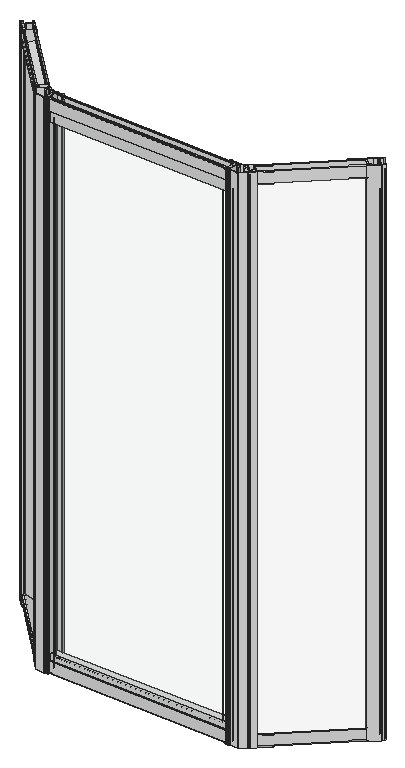
Revit family "Shower-Shower_Door-STERLING-Intrigue-SP2270A", category Specialty Equipment, host Face, Revit 2015
Parameters (values of type "S-Silver Frame Finish with Pebbled Glass Texture")
  Width = 15 13/16"  # constant formula
  WaterSense Certified = 1 = 0  # no
  URL = "https://www.sterlingplumbing.com/\r\nhttps://www.sterlingplumbing.com/"
  Product Page URL = "http://www.sterlingplumbing.com/detail?productNumber=SP2270A-38"
  Product Name = "Intrigue"  # constant formula
  Product Documentation Link = "https://resources.kohler.com/plumbing/sterling/pdf/SP2270A-38_spec.pdf"
  Model = "SP2270A-38S"  # constant formula
  Material = "Anodized Aluminum"  # constant formula
  MasterFormat 2004 = "10.28.13"  # constant formula
  MasterFormat 1995 = "10820"  # constant formula
  Manufacturer Address = "444 Highland Dr, Kohler, WI 53044"  # constant formula
  Manufacturer = "KOHLER Co."  # constant formula
  Length = 27 9/16"  # constant formula
  Height = 72"  # constant formula
  Finish = Sterling-Metal-S-Silver
  Environmental Product Declaration = ""
  Description = "Framed Neo-Angle Corner Shower Door 15-13/16 inch x 27-9/16 inch x 15-13/16 inch x 72 inch Hr"  # constant formula
  Default Elevation = 0"
  Declare Label = ""
  Date Modified = "06/20/2019"  # constant formula
  Date Created = "06/20/2019"  # constant formula
  Copyright = "Copyright KOHLER Co."  # constant formula
  Contact Us = "https://www.sterlingplumbing.com/contact"
  Assembly Code = "C1030200"
  ADA Compliant = 1 = 0  # no
Reference planes (in)
  plane 1 "Center (Front/Back)": y = 0
  plane 2: z = 0
  plane 3 "Center (Left/Right)": x = 0
  plane 4: through (-25.54413, 11.545, 48) normal (-0.7071, 0.7071, 0)
  plane 5: through (-13.99914, -0.00019, 48) normal (-0.7071, -0.7071, 0)
  plane 6: through (-14.72707, -0.00019, 48) normal (-0.7071, 0.7071, 0)
  plane 7: x = -13.78125
  plane 8: through (-11.87782, -0.00019, 48) normal (-0.7071, -0.7071, 0)
  plane 9: y = 0.9062
  plane 10: y = 1.81245
  plane 11: through (2.11347, 12.61341, 48) normal (0.7071, 0.7071, 0)
  plane 12: x = 13.78125
  plane 13: through (24.47572, 12.61341, 48) normal (0.7071, 0.7071, 0)
  plane 14: through (24.49142, 12.61341, 48) normal (0.7071, -0.7071, 0)
  plane 15: through (25.54413, 11.5448, 48) normal (0.7071, -0.7071, 0)
  plane 16: z = 70.4375
  plane 17: z = 36
  plane 18: z = 1.5625
  plane 19: z = 72
Dimensions and locks (in)
  locked: plane 5 to plane 8 at 1.5
  locked: plane 5 to plane 13 at 36.125
  locked: plane 4 to plane 15 at 36.125
  locked: plane 10 to nested 1 at 1.81245
  locked: plane 15 to plane 14 at 1.5
  "Width": plane 4 to plane 6
  locked: plane 16 to plane 18 at 68.875
  plane 18 to level = 1 9/16"
  plane 1 "Center (Front/Back)" to plane 10 = 1.81245"
  "Height": plane 19 to level
  "Length": plane 7 to plane 12
  aligned and locked: plane 2 to host face
  aligned and locked: level to host face
Automatic sketch dimensions
  host sketch curve to host sketch curve = 96"  (x2)
Nested families (in)
  nested 1: "SP2270A" at (0, 0, 0), type "SP2270A"
Definition of nested family "SP2270A"
  Parameters (values of type "SP2270A")
    Material = none
    A = 23 7/16"
  Reference planes (in)
    plane 1 "Center (Front/Back)": y = 0
    plane 2: z = 0
    plane 3 "Center (Left/Right)": x = 0
    plane 4: z = 72
    plane 5: x = -13.78125
    plane 6: x = 13.78125
    plane 7: z = 70.4375
    plane 8: z = 1.5625
    plane 9 "A": through (24.50441, 12.58472, 48) normal (0.7071, 0.7071, 0)
    plane 10: y = 0.9062
    plane 11: y = 1.81245
    plane 12: through (-29.5283, 15.52897, 48) normal (0.7071, 0.7071, 0)
    plane 13: through (29.5283, 15.52897, 48) normal (0.7071, -0.7071, 0)
    plane 14 "B": through (-24.50441, 12.58472, 48) normal (0.7071, -0.7071, 0)
    plane 15: through (-9.38636, 5.34052, 48) normal (0.7071, -0.7071, 0)
    plane 16: through (9.38636, 5.34052, 48) normal (0.7071, 0.7071, 0)
    plane 17: through (-27.87084, 15.99283, 48) normal (0.7071, 0.7071, 0)
    plane 18: through (27.87084, 15.99283, 48) normal (0.7071, -0.7071, 0)
    plane 19: z = 36
  Forms (in)
    Extrusion 1, solid, material <- "Material", detail levels medium+fine
      sketch origin (0, 0.93359, 0) x (0, 1, 0) y (0, 0, 1)
        loop
          arc (0.63975, 70.79435) -> (0.63071, 70.7585) -> (0.60575, 70.73122) r 0.07559
          line (0.60575, 70.73122) -> (0.33132, 70.55042)
          arc (0.33132, 70.55042) -> (0.26289, 70.51846) -> (0.18816, 70.5075) r 0.26021
          line (0.18816, 70.5075) -> (-0.72964, 70.5075) -> (-0.72964, 71.92827)
          arc (-0.72964, 71.92827) -> (-0.72328, 71.94364) -> (-0.70791, 71.95) r 0.02173
          line (-0.70791, 71.95) -> (-0.63817, 71.95)
          arc (-0.63817, 71.95) -> (-0.61317, 71.975) -> (-0.63817, 72) r 0.025
          line (-0.63817, 72) -> (-0.70804, 72)
          arc (-0.70804, 72) -> (-0.77086, 71.97398) -> (-0.79688, 71.91116) r 0.08884
          line (-0.79688, 71.91116) -> (-0.79688, 70.4375) -> (0.22136, 70.4375)
          arc (0.22136, 70.4375) -> (0.28439, 70.44675) -> (0.34211, 70.4737) r 0.21948
          line (0.34211, 70.4737) -> (0.66661, 70.68749)
          arc (0.66661, 70.68749) -> (0.69625, 70.71988) -> (0.70698, 70.76244) r 0.08975
          line (0.70698, 70.76244) -> (0.70698, 71.91116)
          arc (0.70698, 71.91116) -> (0.68096, 71.97398) -> (0.61815, 72) r 0.08884
          line (0.61815, 72) -> (0.54828, 72)
          arc (0.54828, 72) -> (0.52328, 71.975) -> (0.54828, 71.95) r 0.025
          line (0.54828, 71.95) -> (0.61755, 71.95)
          arc (0.61755, 71.95) -> (0.63325, 71.9435) -> (0.63975, 71.92779) r 0.02221
          line (0.63975, 71.92779) -> (0.63975, 70.79435)
        loop
          line (0.63975, 1.20628) -> (0.63975, 0.07674)
          arc (0.63975, 0.07674) -> (0.63325, 0.06104) -> (0.61755, 0.05453) r 0.02221
          line (0.61755, 0.05453) -> (0.54828, 0.05453)
          arc (0.54828, 0.05453) -> (0.52328, 0.02953) -> (0.54828, 0.00453) r 0.025
          line (0.54828, 0.00453) -> (0.61815, 0.00453)
          arc (0.61815, 0.00453) -> (0.68096, 0.03055) -> (0.70698, 0.09337) r 0.08884
          line (0.70698, 0.09337) -> (0.70698, 1.23819)
          arc (0.70698, 1.23819) -> (0.69625, 1.28075) -> (0.66661, 1.31313) r 0.08975
          line (0.66661, 1.31313) -> (0.34211, 1.52692)
          arc (0.34211, 1.52692) -> (0.28439, 1.55388) -> (0.22136, 1.56313) r 0.21948
          line (0.22136, 1.56313) -> (-0.79688, 1.56313) -> (-0.79688, 0.09337)
          arc (-0.79688, 0.09337) -> (-0.77086, 0.03055) -> (-0.70804, 0.00453) r 0.08884
          line (-0.70804, 0.00453) -> (-0.63817, 0.00453)
          arc (-0.63817, 0.00453) -> (-0.61317, 0.02953) -> (-0.63817, 0.05453) r 0.025
          line (-0.63817, 0.05453) -> (-0.70791, 0.05453)
          arc (-0.70791, 0.05453) -> (-0.72328, 0.0609) -> (-0.72964, 0.07626) r 0.02173
          line (-0.72964, 0.07626) -> (-0.72964, 1.49313) -> (0.18816, 1.49313)
          arc (0.18816, 1.49313) -> (0.26289, 1.48216) -> (0.33132, 1.45021) r 0.26021
          line (0.33132, 1.45021) -> (0.60575, 1.2694)
          arc (0.60575, 1.2694) -> (0.63071, 1.24213) -> (0.63975, 1.20628) r 0.07559
      from -12.453 to 12.453
    Extrusion 2, solid, detail levels medium+fine
      sketch origin (0, 0, 0) x (1, 0, 0) y (0, 1, 0)
        loop
          line (-11.66269, 0.57318) -> (-11.66269, 0.44818) -> (11.6635, 0.44818) -> (11.6635, 0.57318) -> (-11.66269, 0.57318)
      from 2.16728 to 68.89322
    Extrusion 3, solid, material <- "Material", detail levels medium+fine
      sketch origin (0, 0, 0) x (-1, 0, 0) y (0, -1, 0)
        loop
          arc (-12.453, -0.15981) -> (-12.44648, -0.14406) -> (-12.43073, -0.13753) r 0.02227
          line (-12.43073, -0.13753) -> (-12.39984, -0.13753)
          arc (-12.39984, -0.13753) -> (-12.38534, -0.13153) -> (-12.37933, -0.11702) r 0.02051
          line (-12.37933, -0.11702) -> (-12.37933, -0.04833)
          arc (-12.37933, -0.04833) -> (-12.39348, -0.01416) -> (-12.42766, 0) r 0.04833
          line (-12.42766, 0) -> (-12.85931, 0)
          arc (-12.85931, 0) -> (-12.87804, -0.01873) -> (-12.85931, -0.03745) r 0.01873
          line (-12.85931, -0.03745) -> (-12.82288, -0.03745)
          arc (-12.82288, -0.03745) -> (-12.80882, -0.04327) -> (-12.803, -0.05733) r 0.01988
          line (-12.803, -0.05733) -> (-12.803, -0.12153)
          spline (-12.803, -0.12153) -> (-12.80198, -0.12578) -> (-12.79898, -0.12973) -> (-12.79421, -0.13312) -> (-12.788, -0.13573) -> (-12.78076, -0.13736) -> (-12.773, -0.13792) -> (-12.76524, -0.13736) -> (-12.758, -0.13573) -> (-12.75179, -0.13312) -> (-12.74702, -0.12973) -> (-12.74402, -0.12578) -> (-12.743, -0.12153)
          line (-12.743, -0.12153) -> (-12.743, -0.06049)
          arc (-12.743, -0.06049) -> (-12.73625, -0.0442) -> (-12.71996, -0.03745) r 0.02304
          line (-12.71996, -0.03745) -> (-12.54334, -0.03745)
          arc (-12.54334, -0.03745) -> (-12.52896, -0.04341) -> (-12.523, -0.05779) r 0.02034
          line (-12.523, -0.05779) -> (-12.523, -0.92666)
          arc (-12.523, -0.92666) -> (-12.52909, -0.94136) -> (-12.54379, -0.94745) r 0.02079
          line (-12.54379, -0.94745) -> (-12.663, -0.94745)
          arc (-12.663, -0.94745) -> (-12.688, -0.97245) -> (-12.663, -0.99745) r 0.025
          line (-12.663, -0.99745) -> (-12.54318, -0.99745)
          arc (-12.54318, -0.99745) -> (-12.52891, -1.00336) -> (-12.523, -1.01763) r 0.02018
          line (-12.523, -1.01763) -> (-12.523, -1.54745)
          arc (-12.523, -1.54745) -> (-12.54782, -1.58434) -> (-12.59107, -1.57404) r 0.03902
          arc (-12.59107, -1.57404) -> (-12.61802, -1.5544) -> (-12.65064, -1.54745) r 0.08001
          line (-12.65064, -1.54745) -> (-12.72541, -1.54745)
          spline (-12.72541, -1.54745) -> (-12.7271, -1.54847) -> (-12.72868, -1.55147) -> (-12.73003, -1.55624) -> (-12.73106, -1.56245) -> (-12.73172, -1.56969) -> (-12.73194, -1.57745) -> (-12.73172, -1.58522) -> (-12.73106, -1.59245) -> (-12.73003, -1.59867) -> (-12.72868, -1.60343) -> (-12.7271, -1.60643) -> (-12.72541, -1.60745)
          line (-12.72541, -1.60745) -> (-12.69292, -1.60745)
          arc (-12.69292, -1.60745) -> (-12.67775, -1.61167) -> (-12.66692, -1.62311) r 0.02942
          arc (-12.66692, -1.62311) -> (-12.62423, -1.67353) -> (-12.56434, -1.70144) r 0.15414
          line (-12.56434, -1.70144) -> (-12.44812, -1.72745) -> (-11.93737, -1.72745) -> (-11.93737, -1.76268)
          arc (-11.93737, -1.76268) -> (-11.9228, -1.79788) -> (-11.8876, -1.81245) r 0.04977
          line (-11.8876, -1.81245) -> (-11.74228, -1.81245)
          arc (-11.74228, -1.81245) -> (-11.66378, -1.74556) -> (-11.71737, -1.65745) r 0.0795
          line (-11.71737, -1.65745) -> (-11.75788, -1.65745)
          arc (-11.75788, -1.65745) -> (-11.77762, -1.67315) -> (-11.76679, -1.69592) r 0.02026
          line (-11.76679, -1.69592) -> (-11.71737, -1.69592) -> (-11.71737, -1.75245) -> (-11.88678, -1.75245) -> (-11.88678, -1.69765) -> (-11.85142, -1.69765)
          arc (-11.85142, -1.69765) -> (-11.83489, -1.67589) -> (-11.85507, -1.65745) r 0.02026
          line (-11.85507, -1.65745) -> (-12.43223, -1.65745)
          arc (-12.43223, -1.65745) -> (-12.44692, -1.65137) -> (-12.453, -1.63668) r 0.02077
          line (-12.453, -1.63668) -> (-12.453, -0.15981)
      from 0 to 72
    Extrusion 4, solid, material <- "Material", detail levels medium+fine
      sketch origin (0, 0, 0) x (1, 0, 0) y (0, 1, 0)
        loop
          arc (12.71443, 1.70753) -> (12.70013, 1.70161) -> (12.69421, 1.68732) r 0.02022
          line (12.69421, 1.68732) -> (12.69421, 1.65323)
          arc (12.69421, 1.65323) -> (12.70027, 1.6386) -> (12.71491, 1.63253) r 0.0207
          line (12.71491, 1.63253) -> (12.763, 1.63253) -> (12.763, 1.52353)
          arc (12.763, 1.52353) -> (12.75586, 1.50966) -> (12.74043, 1.50741) r 0.01704
          arc (12.74043, 1.50741) -> (12.72203, 1.50188) -> (12.72137, 1.48268) r 0.01648
          line (12.72137, 1.48268) -> (12.80918, 1.35053) -> (13.16835, 1.35053)
          arc (13.16835, 1.35053) -> (13.18331, 1.34434) -> (13.1895, 1.32938) r 0.02115
          line (13.1895, 1.32938) -> (13.1895, 1.20655)
          arc (13.1895, 1.20655) -> (13.18299, 1.19084) -> (13.16729, 1.18433) r 0.02221
          line (13.16729, 1.18433) -> (12.823, 1.18433) -> (12.823, 0.21753) -> (12.783, 0.21753)
          arc (12.783, 0.21753) -> (12.71582, 0.18971) -> (12.688, 0.12253) r 0.095
          line (12.688, 0.12253) -> (12.688, 0.06481)
          arc (12.688, 0.06481) -> (12.7155, 0.03731) -> (12.743, 0.06481) r 0.0275
          line (12.743, 0.06481) -> (12.743, 0.12153)
          arc (12.743, 0.12153) -> (12.75466, 0.15017) -> (12.783, 0.16253) r 0.04101
          line (12.783, 0.16253) -> (12.823, 0.16253) -> (12.823, 0.06325)
          arc (12.823, 0.06325) -> (12.82907, 0.0486) -> (12.84371, 0.04253) r 0.02071
          line (12.84371, 0.04253) -> (12.91213, 0.04253)
          arc (12.91213, 0.04253) -> (12.92677, 0.03653) -> (12.933, 0.02198) r 0.02088
          arc (12.933, 0.02198) -> (12.9395, 0.0063) -> (12.95517, -0.00019) r 0.02217
          line (12.95517, -0.00019) -> (14.06317, -0.00019)
          arc (14.06317, -0.00019) -> (14.10107, 0.01074) -> (14.12733, 0.04018) r 0.07116
          line (14.12733, 0.04018) -> (14.90312, 0.79207)
          arc (14.90312, 0.79207) -> (14.9084, 0.80793) -> (14.89877, 0.8216) r 0.01855
          line (14.89877, 0.8216) -> (14.87389, 0.84648) -> (14.93764, 0.91022)
          arc (14.93764, 0.91022) -> (14.94345, 0.92426) -> (14.93764, 0.93829) r 0.01985
          line (14.93764, 0.93829) -> (14.86682, 1.00911) -> (14.8951, 1.0374)
          arc (14.8951, 1.0374) -> (14.92339, 1.04911) -> (14.95167, 1.0374) r 0.04
          line (14.95167, 1.0374) -> (15.00046, 0.98861)
          spline (15.00046, 0.98861) -> (15.00405, 0.98634) -> (15.00872, 0.98555) -> (15.01416, 0.9863) -> (15.01998, 0.98853) -> (15.0258, 0.99209) -> (15.03122, 0.99674) -> (15.03587, 1.00216) -> (15.03943, 1.00798) -> (15.04166, 1.0138) -> (15.0424, 1.01923) -> (15.04162, 1.02391) -> (15.03935, 1.0275)
          line (15.03935, 1.0275) -> (14.99056, 1.07629)
          arc (14.99056, 1.07629) -> (14.92339, 1.10411) -> (14.85621, 1.07629) r 0.095
          line (14.85621, 1.07629) -> (14.82793, 1.048) -> (14.1443, 1.73163) -> (13.88514, 1.47248) -> (13.76567, 1.59195) -> (14.03589, 1.86218) -> (14.02006, 1.94072) -> (13.8698, 2.09098) -> (13.90091, 2.1221)
          spline (13.90091, 2.1221) -> (13.90294, 2.12593) -> (13.90302, 2.13131) -> (13.90114, 2.13786) -> (13.89745, 2.14515) -> (13.89219, 2.15268) -> (13.88571, 2.15993) -> (13.87846, 2.1664) -> (13.87093, 2.17167) -> (13.86364, 2.17536) -> (13.85709, 2.17723) -> (13.85171, 2.17715) -> (13.84788, 2.17513)
          line (13.84788, 2.17513) -> (13.66884, 1.99609)
          arc (13.66884, 1.99609) -> (13.34922, 1.78253) -> (12.9722, 1.70753) r 0.9852
          line (12.9722, 1.70753) -> (12.71443, 1.70753)
        loop
          arc (13.17203, 1.40553) -> (13.22328, 1.38431) -> (13.2445, 1.33307) r 0.07247
          line (13.2445, 1.33307) -> (13.2445, 1.1984)
          arc (13.2445, 1.1984) -> (13.22427, 1.14956) -> (13.17543, 1.12933) r 0.06907
          line (13.17543, 1.12933) -> (12.878, 1.12933) -> (12.878, 0.09753) -> (12.928, 0.09753)
          arc (12.928, 0.09753) -> (12.96204, 0.08698) -> (12.98413, 0.05902) r 0.06015
          arc (12.98413, 0.05902) -> (12.99431, 0.04613) -> (13.00999, 0.04127) r 0.02772
          line (13.00999, 0.04127) -> (14.02344, 0.04127)
          arc (14.02344, 0.04127) -> (14.0619, 0.04892) -> (14.09451, 0.07071) r 0.10051
          line (14.09451, 0.07071) -> (14.83086, 0.80705)
          arc (14.83086, 0.80705) -> (14.8182, 0.84734) -> (14.8355, 0.88587) r 0.05943
          line (14.8355, 0.88587) -> (14.85992, 0.91029)
          arc (14.85992, 0.91029) -> (14.86571, 0.92426) -> (14.85992, 0.93823) r 0.01976
          line (14.85992, 0.93823) -> (14.1443, 1.65385) -> (13.93766, 1.44721)
          arc (13.93766, 1.44721) -> (13.88514, 1.42546) -> (13.83263, 1.44721) r 0.07427
          line (13.83263, 1.44721) -> (13.7409, 1.53894)
          arc (13.7409, 1.53894) -> (13.71975, 1.59) -> (13.7409, 1.64106) r 0.07221
          line (13.7409, 1.64106) -> (13.97638, 1.87654) -> (13.96537, 1.91763) -> (13.81677, 2.06624) -> (13.70773, 1.9572)
          arc (13.70773, 1.9572) -> (13.37027, 1.73171) -> (12.9722, 1.65253) r 1.0402
          line (12.9722, 1.65253) -> (12.818, 1.65253) -> (12.818, 1.52353)
          arc (12.818, 1.52353) -> (12.812, 1.49497) -> (12.79501, 1.47123) r 0.071
          line (12.79501, 1.47123) -> (12.83867, 1.40553) -> (13.17203, 1.40553)
      from 0 to 72
    Extrusion 5, solid, material <- "Material", detail levels medium+fine
      sketch origin (0, 0, 0) x (1, 0, 0) y (0, 1, 0)
        loop
          line (14.37467, 2.4403) -> (15.10794, 1.70703) -> (14.88586, 1.48495)
          arc (14.88586, 1.48495) -> (14.86714, 1.43974) -> (14.88586, 1.39453) r 0.06393
          line (14.88586, 1.39453) -> (15.1386, 1.1418)
          arc (15.1386, 1.1418) -> (15.1464, 1.12296) -> (15.1386, 1.10411) r 0.02664
          line (15.1386, 1.10411) -> (15.01553, 0.98105)
          arc (15.01553, 0.98105) -> (14.99763, 0.97363) -> (14.97973, 0.98105) r 0.02531
          line (14.97973, 0.98105) -> (14.93824, 1.02255)
          spline (14.93824, 1.02255) -> (14.93442, 1.02492) -> (14.92942, 1.02568) -> (14.92357, 1.02478) -> (14.91728, 1.02229) -> (14.91097, 1.01837) -> (14.90507, 1.01328) -> (14.89999, 1.00739) -> (14.89607, 1.00108) -> (14.89357, 0.99478) -> (14.89268, 0.98894) -> (14.89344, 0.98394) -> (14.89581, 0.98012)
          line (14.89581, 0.98012) -> (14.95521, 0.92072) -> (14.90476, 0.87028) -> (14.94463, 0.83041)
          arc (14.94463, 0.83041) -> (15.24054, 1.1436) -> (15.55501, 1.43815) r 7.05601
          line (15.55501, 1.43815) -> (15.45567, 1.53749) -> (15.23539, 1.31721) -> (15.2794, 1.2732) -> (15.17724, 1.17104) -> (14.90854, 1.43974) -> (15.19138, 1.72258) -> (14.41042, 2.50354)
          arc (14.41042, 2.50354) -> (14.40451, 2.51781) -> (14.41042, 2.53208) r 0.02018
          line (14.41042, 2.53208) -> (14.43716, 2.55882) -> (14.40649, 2.58949)
          arc (14.40649, 2.58949) -> (14.39138, 2.59454) -> (14.37681, 2.5881) r 0.02207
          arc (14.37681, 2.5881) -> (14.36827, 2.57538) -> (14.36517, 2.56037) r 0.03974
          arc (14.36517, 2.56037) -> (14.35955, 2.54116) -> (14.34471, 2.52772) r 0.03686
          line (14.34471, 2.52772) -> (13.93391, 2.11691) -> (13.90869, 2.09169)
          spline (13.90869, 2.09169) -> (13.90616, 2.08776) -> (13.90519, 2.0827) -> (13.90586, 2.07685) -> (13.90813, 2.07062) -> (13.91182, 2.06443) -> (13.91671, 2.0587) -> (13.92244, 2.05381) -> (13.92863, 2.05012) -> (13.93486, 2.04785) -> (13.94071, 2.04718) -> (13.94577, 2.04815) -> (13.9497, 2.05068)
          line (13.9497, 2.05068) -> (14.33932, 2.4403)
          arc (14.33932, 2.4403) -> (14.357, 2.44762) -> (14.37467, 2.4403) r 0.025
      from 0 to 72
    Extrusion 6, solid, material <- "Material", detail levels medium+fine
      sketch origin (25.57602, 25.57602, 0) x (0, -1, 0) y (1, 0, 0)
        loop
          arc (14.37467, -2.4403) -> (14.357, -2.44762) -> (14.33932, -2.4403) r 0.025
          line (14.33932, -2.4403) -> (13.31401, -1.41499)
          arc (13.31401, -1.41499) -> (13.27909, -1.42955) -> (13.28405, -1.46705) r 0.03111
          line (13.28405, -1.46705) -> (14.34471, -2.52772)
          arc (14.34471, -2.52772) -> (14.35955, -2.54116) -> (14.36517, -2.56037) r 0.03686
          arc (14.36517, -2.56037) -> (14.36827, -2.57538) -> (14.37681, -2.5881) r 0.03974
          arc (14.37681, -2.5881) -> (14.39138, -2.59454) -> (14.40649, -2.58949) r 0.02207
          line (14.40649, -2.58949) -> (14.43716, -2.55882) -> (14.41042, -2.53208)
          arc (14.41042, -2.53208) -> (14.40451, -2.51781) -> (14.41042, -2.50354) r 0.02018
          line (14.41042, -2.50354) -> (15.19138, -1.72258) -> (14.90854, -1.43974) -> (15.17724, -1.17104) -> (15.2794, -1.2732) -> (15.23539, -1.31721) -> (15.46961, -1.55142) -> (15.53957, -1.47372)
          arc (15.53957, -1.47372) -> (15.54629, -1.45555) -> (15.5387, -1.43773) r 0.0262
          arc (15.5387, -1.43773) -> (14.97963, -0.87652) -> (14.41841, -0.31748) r 205.4396
          arc (14.41841, -0.31748) -> (14.37109, -0.31762) -> (14.37114, -0.36494) r 0.03349
          line (14.37114, -0.36494) -> (15.13835, -1.13215) -> (14.8919, -1.37859)
          arc (14.8919, -1.37859) -> (14.86658, -1.43974) -> (14.8919, -1.50089) r 0.08647
          line (14.8919, -1.50089) -> (15.10299, -1.71198) -> (14.37467, -2.4403)
      from 0 to 72
    Extrusion 7, solid, material <- "Material", detail levels medium+fine
      sketch origin (0, 0, 0) x (1, 0, 0) y (0, 1, 0)
        loop
          line (23.7198, 11.74299) -> (23.99535, 12.01855)
          arc (23.99535, 12.01855) -> (24.00971, 12.02449) -> (24.02407, 12.01855) r 0.02031
          line (24.02407, 12.01855) -> (24.06274, 11.97987)
          arc (24.06274, 11.97987) -> (24.07689, 11.97987) -> (24.07689, 11.99402) r 0.01
          line (24.07689, 11.99402) -> (24.03803, 12.03287)
          arc (24.03803, 12.03287) -> (24.03216, 12.04705) -> (24.03803, 12.06123) r 0.02005
          line (24.03803, 12.06123) -> (24.11158, 12.13478)
          arc (24.11158, 12.13478) -> (24.12638, 12.14091) -> (24.14119, 12.13478) r 0.02093
          line (24.14119, 12.13478) -> (24.81868, 11.45728)
          arc (24.81868, 11.45728) -> (24.82481, 11.44247) -> (24.81868, 11.42766) r 0.02094
          line (24.81868, 11.42766) -> (24.74644, 11.35543)
          arc (24.74644, 11.35543) -> (24.73099, 11.34902) -> (24.71554, 11.35543) r 0.02186
          line (24.71554, 11.35543) -> (24.6788, 11.39216)
          arc (24.6788, 11.39216) -> (24.66394, 11.39408) -> (24.6633, 11.37911) r 0.01017
          line (24.6633, 11.37911) -> (24.71354, 11.32887)
          arc (24.71354, 11.32887) -> (24.72874, 11.32137) -> (24.74538, 11.32468) r 0.02638
          line (24.74538, 11.32468) -> (24.85913, 11.39035)
          arc (24.85913, 11.39035) -> (24.87506, 11.39352) -> (24.88962, 11.38634) r 0.02526
          line (24.88962, 11.38634) -> (25.08481, 11.19115)
          arc (25.08481, 11.19115) -> (25.09201, 11.17377) -> (25.08481, 11.15639) r 0.02458
          line (25.08481, 11.15639) -> (24.6956, 10.76718)
          arc (24.6956, 10.76718) -> (24.6956, 10.73183) -> (24.73096, 10.73183) r 0.025
          line (24.73096, 10.73183) -> (25.54413, 11.545) -> (25.51764, 11.5715)
          arc (25.51764, 11.5715) -> (25.50156, 11.57832) -> (25.48524, 11.57206) r 0.02332
          line (25.48524, 11.57206) -> (25.45634, 11.54511) -> (25.34119, 11.66026)
          arc (25.34119, 11.66026) -> (25.30409, 11.67241) -> (25.29998, 11.63359) r 0.0251
          line (25.29998, 11.63359) -> (25.41233, 11.52124)
          arc (25.41233, 11.52124) -> (25.42006, 11.50258) -> (25.41233, 11.48391) r 0.0264
          line (25.41233, 11.48391) -> (25.15458, 11.22616)
          arc (25.15458, 11.22616) -> (25.13755, 11.21911) -> (25.12051, 11.22616) r 0.02409
          line (25.12051, 11.22616) -> (24.1769, 12.16977)
          arc (24.1769, 12.16977) -> (24.17062, 12.18493) -> (24.1769, 12.20009) r 0.02144
          line (24.1769, 12.20009) -> (24.51248, 12.53567)
          arc (24.51248, 12.53567) -> (24.52097, 12.55616) -> (24.51248, 12.57666) r 0.02898
          line (24.51248, 12.57666) -> (24.48064, 12.60849)
          spline (24.48064, 12.60849) -> (24.4772, 12.61097) -> (24.47303, 12.61232) -> (24.46841, 12.61244) -> (24.46366, 12.61133) -> (24.45911, 12.60906) -> (24.45505, 12.60579) -> (24.45178, 12.60174) -> (24.44952, 12.59719) -> (24.44841, 12.59244) -> (24.44853, 12.58782) -> (24.44988, 12.58365) -> (24.45236, 12.58021)
          arc (24.45236, 12.58021) -> (24.46124, 12.56555) -> (24.4555, 12.5494) r 0.01997
          line (24.4555, 12.5494) -> (23.68444, 11.77835)
          arc (23.68444, 11.77835) -> (23.68444, 11.74299) -> (23.7198, 11.74299) r 0.025
        loop
          arc (-23.7198, 11.74299) -> (-23.68444, 11.74299) -> (-23.68444, 11.77835) r 0.025
          line (-23.68444, 11.77835) -> (-24.4555, 12.5494)
          arc (-24.4555, 12.5494) -> (-24.46124, 12.56555) -> (-24.45236, 12.58021) r 0.01997
          spline (-24.45236, 12.58021) -> (-24.44988, 12.58365) -> (-24.44853, 12.58782) -> (-24.44841, 12.59244) -> (-24.44952, 12.59719) -> (-24.45178, 12.60174) -> (-24.45505, 12.60579) -> (-24.45911, 12.60906) -> (-24.46366, 12.61133) -> (-24.46841, 12.61244) -> (-24.47303, 12.61232) -> (-24.4772, 12.61097) -> (-24.48064, 12.60849)
          line (-24.48064, 12.60849) -> (-24.51248, 12.57666)
          arc (-24.51248, 12.57666) -> (-24.52097, 12.55616) -> (-24.51248, 12.53567) r 0.02898
          line (-24.51248, 12.53567) -> (-24.1769, 12.20009)
          arc (-24.1769, 12.20009) -> (-24.17062, 12.18493) -> (-24.1769, 12.16977) r 0.02144
          line (-24.1769, 12.16977) -> (-25.12051, 11.22616)
          arc (-25.12051, 11.22616) -> (-25.13755, 11.21911) -> (-25.15458, 11.22616) r 0.02409
          line (-25.15458, 11.22616) -> (-25.41233, 11.48391)
          arc (-25.41233, 11.48391) -> (-25.42006, 11.50258) -> (-25.41233, 11.52124) r 0.0264
          line (-25.41233, 11.52124) -> (-25.29998, 11.63359)
          arc (-25.29998, 11.63359) -> (-25.30409, 11.67241) -> (-25.34119, 11.66026) r 0.0251
          line (-25.34119, 11.66026) -> (-25.4566, 11.54486) -> (-25.4855, 11.57181)
          arc (-25.4855, 11.57181) -> (-25.50181, 11.57807) -> (-25.51789, 11.57124) r 0.02332
          line (-25.51789, 11.57124) -> (-25.54413, 11.545) -> (-24.73096, 10.73183)
          arc (-24.73096, 10.73183) -> (-24.6956, 10.73183) -> (-24.6956, 10.76718) r 0.025
          line (-24.6956, 10.76718) -> (-25.08481, 11.15639)
          arc (-25.08481, 11.15639) -> (-25.09201, 11.17377) -> (-25.08481, 11.19115) r 0.02458
          line (-25.08481, 11.19115) -> (-24.88962, 11.38634)
          arc (-24.88962, 11.38634) -> (-24.87506, 11.39352) -> (-24.85913, 11.39035) r 0.02526
          line (-24.85913, 11.39035) -> (-24.74538, 11.32468)
          arc (-24.74538, 11.32468) -> (-24.72874, 11.32137) -> (-24.71354, 11.32887) r 0.02638
          line (-24.71354, 11.32887) -> (-24.6633, 11.37911)
          arc (-24.6633, 11.37911) -> (-24.66394, 11.39408) -> (-24.6788, 11.39216) r 0.01017
          line (-24.6788, 11.39216) -> (-24.71554, 11.35543)
          arc (-24.71554, 11.35543) -> (-24.73099, 11.34902) -> (-24.74644, 11.35543) r 0.02186
          line (-24.74644, 11.35543) -> (-24.81868, 11.42766)
          arc (-24.81868, 11.42766) -> (-24.82481, 11.44247) -> (-24.81868, 11.45728) r 0.02094
          line (-24.81868, 11.45728) -> (-24.14119, 12.13478)
          arc (-24.14119, 12.13478) -> (-24.12638, 12.14091) -> (-24.11158, 12.13478) r 0.02093
          line (-24.11158, 12.13478) -> (-24.03803, 12.06123)
          arc (-24.03803, 12.06123) -> (-24.03216, 12.04705) -> (-24.03803, 12.03287) r 0.02005
          line (-24.03803, 12.03287) -> (-24.07689, 11.99402)
          arc (-24.07689, 11.99402) -> (-24.07689, 11.97987) -> (-24.06274, 11.97987) r 0.01
          line (-24.06274, 11.97987) -> (-24.02407, 12.01855)
          arc (-24.02407, 12.01855) -> (-24.00971, 12.02449) -> (-23.99535, 12.01855) r 0.02031
          line (-23.99535, 12.01855) -> (-23.7198, 11.74299)
      from 0 to 72
    Extrusion 8, solid, detail levels medium+fine
      sketch origin (0, 0, 0) x (1, 0, 0) y (0, 1, 0)
        loop
          line (23.80021, 10.43787) -> (15.13674, 1.77439) -> (15.22513, 1.68601) -> (23.8886, 10.34948) -> (23.80021, 10.43787)
      from 0.83922 to 70.4375
    Extrusion 9, solid, material <- "Material", detail levels medium+fine
      sketch origin (0, 0, 0) x (1, 0, 0) y (0, 1, 0)
        loop
          line (-12.453, 0.15981) -> (-12.453, 1.63668)
          arc (-12.453, 1.63668) -> (-12.44692, 1.65137) -> (-12.43223, 1.65745) r 0.02077
          line (-12.43223, 1.65745) -> (-11.85507, 1.65745)
          arc (-11.85507, 1.65745) -> (-11.83489, 1.67589) -> (-11.85142, 1.69765) r 0.02026
          line (-11.85142, 1.69765) -> (-11.88678, 1.69765) -> (-11.88678, 1.75245) -> (-11.71737, 1.75245) -> (-11.71737, 1.69592) -> (-11.76679, 1.69592)
          arc (-11.76679, 1.69592) -> (-11.77762, 1.67315) -> (-11.75788, 1.65745) r 0.02026
          line (-11.75788, 1.65745) -> (-11.71737, 1.65745)
          arc (-11.71737, 1.65745) -> (-11.66378, 1.74556) -> (-11.74228, 1.81245) r 0.0795
          line (-11.74228, 1.81245) -> (-11.8876, 1.81245)
          arc (-11.8876, 1.81245) -> (-11.9228, 1.79788) -> (-11.93737, 1.76268) r 0.04977
          line (-11.93737, 1.76268) -> (-11.93737, 1.72745) -> (-12.44812, 1.72745) -> (-12.56434, 1.70144)
          arc (-12.56434, 1.70144) -> (-12.62423, 1.67353) -> (-12.66692, 1.62311) r 0.15414
          arc (-12.66692, 1.62311) -> (-12.67775, 1.61167) -> (-12.69292, 1.60745) r 0.02942
          line (-12.69292, 1.60745) -> (-12.72541, 1.60745)
          spline (-12.72541, 1.60745) -> (-12.7271, 1.60643) -> (-12.72868, 1.60343) -> (-12.73003, 1.59867) -> (-12.73106, 1.59245) -> (-12.73172, 1.58522) -> (-12.73194, 1.57745) -> (-12.73172, 1.56969) -> (-12.73106, 1.56245) -> (-12.73003, 1.55624) -> (-12.72868, 1.55147) -> (-12.7271, 1.54847) -> (-12.72541, 1.54745)
          line (-12.72541, 1.54745) -> (-12.65064, 1.54745)
          arc (-12.65064, 1.54745) -> (-12.61802, 1.5544) -> (-12.59107, 1.57404) r 0.08001
          arc (-12.59107, 1.57404) -> (-12.54782, 1.58434) -> (-12.523, 1.54745) r 0.03902
          line (-12.523, 1.54745) -> (-12.523, 1.01763)
          arc (-12.523, 1.01763) -> (-12.52891, 1.00336) -> (-12.54318, 0.99745) r 0.02018
          line (-12.54318, 0.99745) -> (-12.663, 0.99745)
          arc (-12.663, 0.99745) -> (-12.688, 0.97245) -> (-12.663, 0.94745) r 0.025
          line (-12.663, 0.94745) -> (-12.54379, 0.94745)
          arc (-12.54379, 0.94745) -> (-12.52909, 0.94136) -> (-12.523, 0.92666) r 0.02079
          line (-12.523, 0.92666) -> (-12.523, 0.05779)
          arc (-12.523, 0.05779) -> (-12.52896, 0.04341) -> (-12.54334, 0.03745) r 0.02034
          line (-12.54334, 0.03745) -> (-12.71996, 0.03745)
          arc (-12.71996, 0.03745) -> (-12.73625, 0.0442) -> (-12.743, 0.06049) r 0.02304
          line (-12.743, 0.06049) -> (-12.743, 0.12153)
          spline (-12.743, 0.12153) -> (-12.74402, 0.12578) -> (-12.74702, 0.12973) -> (-12.75179, 0.13312) -> (-12.758, 0.13573) -> (-12.76524, 0.13736) -> (-12.773, 0.13792) -> (-12.78076, 0.13736) -> (-12.788, 0.13573) -> (-12.79421, 0.13312) -> (-12.79898, 0.12973) -> (-12.80198, 0.12578) -> (-12.803, 0.12153)
          line (-12.803, 0.12153) -> (-12.803, 0.05733)
          arc (-12.803, 0.05733) -> (-12.80882, 0.04327) -> (-12.82288, 0.03745) r 0.01988
          line (-12.82288, 0.03745) -> (-12.85931, 0.03745)
          arc (-12.85931, 0.03745) -> (-12.87804, 0.01873) -> (-12.85931, 0) r 0.01873
          line (-12.85931, 0) -> (-12.42766, 0)
          arc (-12.42766, 0) -> (-12.39348, 0.01416) -> (-12.37933, 0.04833) r 0.04833
          line (-12.37933, 0.04833) -> (-12.37933, 0.11702)
          arc (-12.37933, 0.11702) -> (-12.38534, 0.13153) -> (-12.39984, 0.13753) r 0.02051
          line (-12.39984, 0.13753) -> (-12.43073, 0.13753)
          arc (-12.43073, 0.13753) -> (-12.44648, 0.14406) -> (-12.453, 0.15981) r 0.02227
      from 0 to 72
    Extrusion 10, solid, material <- "Material", detail levels medium+fine
      sketch origin (0, 0, 0) x (-1, 0, 0) y (0, -1, 0)
        loop
          line (12.71443, -1.70753) -> (12.9722, -1.70753)
          arc (12.9722, -1.70753) -> (13.34922, -1.78253) -> (13.66884, -1.99609) r 0.9852
          line (13.66884, -1.99609) -> (13.84788, -2.17513)
          spline (13.84788, -2.17513) -> (13.85171, -2.17715) -> (13.85709, -2.17723) -> (13.86364, -2.17536) -> (13.87093, -2.17167) -> (13.87846, -2.1664) -> (13.88571, -2.15993) -> (13.89219, -2.15268) -> (13.89745, -2.14515) -> (13.90114, -2.13786) -> (13.90302, -2.13131) -> (13.90294, -2.12593) -> (13.90091, -2.1221)
          line (13.90091, -2.1221) -> (13.8698, -2.09098) -> (14.02006, -1.94072) -> (14.03589, -1.86218) -> (13.76567, -1.59195) -> (13.88514, -1.47248) -> (14.1443, -1.73163) -> (14.82793, -1.048) -> (14.85621, -1.07629)
          arc (14.85621, -1.07629) -> (14.92339, -1.10411) -> (14.99056, -1.07629) r 0.095
          line (14.99056, -1.07629) -> (15.03935, -1.0275)
          spline (15.03935, -1.0275) -> (15.04162, -1.02391) -> (15.0424, -1.01923) -> (15.04166, -1.0138) -> (15.03943, -1.00798) -> (15.03587, -1.00216) -> (15.03122, -0.99674) -> (15.0258, -0.99209) -> (15.01998, -0.98853) -> (15.01416, -0.9863) -> (15.00872, -0.98555) -> (15.00405, -0.98634) -> (15.00046, -0.98861)
          line (15.00046, -0.98861) -> (14.95167, -1.0374)
          arc (14.95167, -1.0374) -> (14.92339, -1.04911) -> (14.8951, -1.0374) r 0.04
          line (14.8951, -1.0374) -> (14.86682, -1.00911) -> (14.93764, -0.93829)
          arc (14.93764, -0.93829) -> (14.94345, -0.92426) -> (14.93764, -0.91022) r 0.01985
          line (14.93764, -0.91022) -> (14.87389, -0.84648) -> (14.89877, -0.8216)
          arc (14.89877, -0.8216) -> (14.9084, -0.80793) -> (14.90312, -0.79207) r 0.01855
          line (14.90312, -0.79207) -> (14.12733, -0.04018)
          arc (14.12733, -0.04018) -> (14.10107, -0.01074) -> (14.06317, 0.00019) r 0.07116
          line (14.06317, 0.00019) -> (12.95517, 0.00019)
          arc (12.95517, 0.00019) -> (12.9395, -0.0063) -> (12.933, -0.02198) r 0.02217
          arc (12.933, -0.02198) -> (12.92677, -0.03653) -> (12.91213, -0.04253) r 0.02088
          line (12.91213, -0.04253) -> (12.84371, -0.04253)
          arc (12.84371, -0.04253) -> (12.82907, -0.0486) -> (12.823, -0.06325) r 0.02071
          line (12.823, -0.06325) -> (12.823, -0.16253) -> (12.783, -0.16253)
          arc (12.783, -0.16253) -> (12.75466, -0.15017) -> (12.743, -0.12153) r 0.04101
          line (12.743, -0.12153) -> (12.743, -0.06481)
          arc (12.743, -0.06481) -> (12.7155, -0.03731) -> (12.688, -0.06481) r 0.0275
          line (12.688, -0.06481) -> (12.688, -0.12253)
          arc (12.688, -0.12253) -> (12.71582, -0.18971) -> (12.783, -0.21753) r 0.095
          line (12.783, -0.21753) -> (12.823, -0.21753) -> (12.823, -1.18433) -> (13.16729, -1.18433)
          arc (13.16729, -1.18433) -> (13.18299, -1.19084) -> (13.1895, -1.20655) r 0.02221
          line (13.1895, -1.20655) -> (13.1895, -1.32938)
          arc (13.1895, -1.32938) -> (13.18331, -1.34434) -> (13.16835, -1.35053) r 0.02115
          line (13.16835, -1.35053) -> (12.80918, -1.35053) -> (12.72137, -1.48268)
          arc (12.72137, -1.48268) -> (12.72203, -1.50188) -> (12.74043, -1.50741) r 0.01648
          arc (12.74043, -1.50741) -> (12.75586, -1.50966) -> (12.763, -1.52353) r 0.01704
          line (12.763, -1.52353) -> (12.763, -1.63253) -> (12.71491, -1.63253)
          arc (12.71491, -1.63253) -> (12.70027, -1.6386) -> (12.69421, -1.65323) r 0.0207
          line (12.69421, -1.65323) -> (12.69421, -1.68732)
          arc (12.69421, -1.68732) -> (12.70013, -1.70161) -> (12.71443, -1.70753) r 0.02022
        loop
          line (13.17203, -1.40553) -> (12.83867, -1.40553) -> (12.79501, -1.47123)
          arc (12.79501, -1.47123) -> (12.812, -1.49497) -> (12.818, -1.52353) r 0.071
          line (12.818, -1.52353) -> (12.818, -1.65253) -> (12.9722, -1.65253)
          arc (12.9722, -1.65253) -> (13.37027, -1.73171) -> (13.70773, -1.9572) r 1.0402
          line (13.70773, -1.9572) -> (13.81677, -2.06624) -> (13.96537, -1.91763) -> (13.97638, -1.87654) -> (13.7409, -1.64106)
          arc (13.7409, -1.64106) -> (13.71975, -1.59) -> (13.7409, -1.53894) r 0.07221
          line (13.7409, -1.53894) -> (13.83263, -1.44721)
          arc (13.83263, -1.44721) -> (13.88514, -1.42546) -> (13.93766, -1.44721) r 0.07427
          line (13.93766, -1.44721) -> (14.1443, -1.65385) -> (14.85992, -0.93823)
          arc (14.85992, -0.93823) -> (14.86571, -0.92426) -> (14.85992, -0.91029) r 0.01976
          line (14.85992, -0.91029) -> (14.8355, -0.88587)
          arc (14.8355, -0.88587) -> (14.8182, -0.84734) -> (14.83086, -0.80705) r 0.05943
          line (14.83086, -0.80705) -> (14.09451, -0.07071)
          arc (14.09451, -0.07071) -> (14.0619, -0.04892) -> (14.02344, -0.04127) r 0.10051
          line (14.02344, -0.04127) -> (13.00999, -0.04127)
          arc (13.00999, -0.04127) -> (12.99431, -0.04613) -> (12.98413, -0.05902) r 0.02772
          arc (12.98413, -0.05902) -> (12.96204, -0.08698) -> (12.928, -0.09753) r 0.06015
          line (12.928, -0.09753) -> (12.878, -0.09753) -> (12.878, -1.12933) -> (13.17543, -1.12933)
          arc (13.17543, -1.12933) -> (13.22427, -1.14956) -> (13.2445, -1.1984) r 0.06907
          line (13.2445, -1.1984) -> (13.2445, -1.33307)
          arc (13.2445, -1.33307) -> (13.22328, -1.38431) -> (13.17203, -1.40553) r 0.07247
      from 0 to 72
    Extrusion 11, solid, material <- "Material", detail levels medium+fine
      sketch origin (0, 0, 0) x (-1, 0, 0) y (0, -1, 0)
        loop
          arc (14.37467, -2.4403) -> (14.357, -2.44762) -> (14.33932, -2.4403) r 0.025
          line (14.33932, -2.4403) -> (13.9497, -2.05068)
          spline (13.9497, -2.05068) -> (13.94577, -2.04815) -> (13.94071, -2.04718) -> (13.93486, -2.04785) -> (13.92863, -2.05012) -> (13.92244, -2.05381) -> (13.91671, -2.0587) -> (13.91182, -2.06443) -> (13.90813, -2.07062) -> (13.90586, -2.07685) -> (13.90519, -2.0827) -> (13.90616, -2.08776) -> (13.90869, -2.09169)
          line (13.90869, -2.09169) -> (13.93391, -2.11691) -> (14.34471, -2.52772)
          arc (14.34471, -2.52772) -> (14.35955, -2.54116) -> (14.36517, -2.56037) r 0.03686
          arc (14.36517, -2.56037) -> (14.36827, -2.57538) -> (14.37681, -2.5881) r 0.03974
          arc (14.37681, -2.5881) -> (14.39138, -2.59454) -> (14.40649, -2.58949) r 0.02207
          line (14.40649, -2.58949) -> (14.43716, -2.55882) -> (14.41042, -2.53208)
          arc (14.41042, -2.53208) -> (14.40451, -2.51781) -> (14.41042, -2.50354) r 0.02018
          line (14.41042, -2.50354) -> (15.19138, -1.72258) -> (14.90854, -1.43974) -> (15.1738, -1.17447) -> (15.27596, -1.27663) -> (15.23539, -1.31721) -> (15.45567, -1.53749) -> (15.55501, -1.43815)
          arc (15.55501, -1.43815) -> (15.24054, -1.1436) -> (14.94463, -0.83041) r 7.05601
          line (14.94463, -0.83041) -> (14.90476, -0.87028) -> (14.95521, -0.92072) -> (14.89581, -0.98012)
          spline (14.89581, -0.98012) -> (14.89344, -0.98394) -> (14.89268, -0.98894) -> (14.89357, -0.99478) -> (14.89607, -1.00108) -> (14.89999, -1.00739) -> (14.90507, -1.01328) -> (14.91097, -1.01837) -> (14.91728, -1.02229) -> (14.92357, -1.02478) -> (14.92942, -1.02568) -> (14.93442, -1.02492) -> (14.93824, -1.02255)
          line (14.93824, -1.02255) -> (14.97973, -0.98105)
          arc (14.97973, -0.98105) -> (14.99763, -0.97363) -> (15.01553, -0.98105) r 0.02531
          line (15.01553, -0.98105) -> (15.1386, -1.10411)
          arc (15.1386, -1.10411) -> (15.1464, -1.12296) -> (15.1386, -1.1418) r 0.02664
          line (15.1386, -1.1418) -> (14.88586, -1.39453)
          arc (14.88586, -1.39453) -> (14.86714, -1.43974) -> (14.88586, -1.48495) r 0.06393
          line (14.88586, -1.48495) -> (15.10794, -1.70703) -> (14.37467, -2.4403)
      from 0 to 72
    Extrusion 12, solid, material <- "Material", detail levels medium+fine
      sketch origin (-18.54457, 18.54457, 0) x (0.707107, 0.707107, 0) y (0, 0, 1)
        loop
          arc (-8.47011, 70.76366) -> (-8.48586, 70.72274) -> (-8.52326, 70.69986) r 0.06821
          line (-8.52326, 70.69986) -> (-9.47204, 70.48599) -> (-9.81653, 70.49981)
          arc (-9.81653, 70.49981) -> (-9.83341, 70.50761) -> (-9.83983, 70.52507) r 0.0243
          line (-9.83983, 70.52507) -> (-9.78357, 71.92759)
          arc (-9.78357, 71.92759) -> (-9.77567, 71.94469) -> (-9.75799, 71.95119) r 0.02461
          line (-9.75799, 71.95119) -> (-9.71176, 71.94934)
          arc (-9.71176, 71.94934) -> (-9.68578, 71.97332) -> (-9.70976, 71.9993) r 0.025
          line (-9.70976, 71.9993) -> (-9.75148, 72.00097)
          arc (-9.75148, 72.00097) -> (-9.81257, 71.97849) -> (-9.83987, 71.9194) r 0.08505
          line (-9.83987, 71.9194) -> (-9.89764, 70.4794)
          arc (-9.89764, 70.4794) -> (-9.89068, 70.46047) -> (-9.87237, 70.45201) r 0.02635
          line (-9.87237, 70.45201) -> (-9.42886, 70.43422) -> (-8.51812, 70.63951)
          arc (-8.51812, 70.63951) -> (-8.44353, 70.68527) -> (-8.41244, 70.76706) r 0.13556
          line (-8.41244, 70.76706) -> (-8.37369, 71.88531)
          arc (-8.37369, 71.88531) -> (-8.39612, 71.94551) -> (-8.45448, 71.97238) r 0.08421
          line (-8.45448, 71.97238) -> (-8.54869, 71.97616)
          arc (-8.54869, 71.97616) -> (-8.57467, 71.95218) -> (-8.5507, 71.9262) r 0.025
          line (-8.5507, 71.9262) -> (-8.44794, 71.92207)
          arc (-8.44794, 71.92207) -> (-8.43107, 71.91428) -> (-8.42465, 71.89683) r 0.02429
          line (-8.42465, 71.89683) -> (-8.47011, 70.76366)
        loop
          line (-8.47011, 0.50978) -> (-8.45375, 0.102)
          arc (-8.45375, 0.102) -> (-8.46017, 0.08455) -> (-8.47704, 0.07676) r 0.02429
          line (-8.47704, 0.07676) -> (-8.5507, 0.0738)
          arc (-8.5507, 0.0738) -> (-8.57467, 0.04782) -> (-8.54869, 0.02384) r 0.025
          line (-8.54869, 0.02384) -> (-8.47962, 0.02662)
          arc (-8.47962, 0.02662) -> (-8.42127, 0.05348) -> (-8.39883, 0.11368) r 0.08421
          line (-8.39883, 0.11368) -> (-8.41244, 0.50638)
          arc (-8.41244, 0.50638) -> (-8.44353, 0.58817) -> (-8.51812, 0.63393) r 0.13556
          line (-8.51812, 0.63393) -> (-9.71661, 1.56205) -> (-9.87331, 1.55576)
          arc (-9.87331, 1.55576) -> (-9.89162, 1.5473) -> (-9.89858, 1.52838) r 0.02635
          line (-9.89858, 1.52838) -> (-9.86884, 0.08095)
          arc (-9.86884, 0.08095) -> (-9.84079, 0.02344) -> (-9.78058, 0.00177) r 0.08505
          line (-9.78058, 0.00177) -> (-9.70976, 0.00461)
          arc (-9.70976, 0.00461) -> (-9.68578, 0.03059) -> (-9.71176, 0.05457) r 0.025
          line (-9.71176, 0.05457) -> (-9.78709, 0.05155)
          arc (-9.78709, 0.05155) -> (-9.8042, 0.05754) -> (-9.81256, 0.07363) r 0.02461
          line (-9.81256, 0.07363) -> (-9.84077, 1.48271)
          arc (-9.84077, 1.48271) -> (-9.83435, 1.50016) -> (-9.81747, 1.50796) r 0.0243
          line (-9.81747, 1.50796) -> (-9.76778, 1.50996) -> (-8.52326, 0.57358)
          arc (-8.52326, 0.57358) -> (-8.48586, 0.5507) -> (-8.47011, 0.50978) r 0.06821
      from 2.016 to 14.268
    Extrusion 13, solid, material <- "Material", detail levels medium+fine
      sketch origin (-25.57602, 25.57602, 0) x (0, -1, 0) y (1, 0, 0)
        loop
          line (14.37467, 2.4403) -> (15.10299, 1.71198) -> (14.8919, 1.50089)
          arc (14.8919, 1.50089) -> (14.86658, 1.43974) -> (14.8919, 1.37859) r 0.08647
          line (14.8919, 1.37859) -> (15.13835, 1.13215) -> (14.37114, 0.36494)
          arc (14.37114, 0.36494) -> (14.37109, 0.31762) -> (14.41841, 0.31748) r 0.03349
          arc (14.41841, 0.31748) -> (14.97963, 0.87652) -> (15.5387, 1.43773) r 205.4396
          arc (15.5387, 1.43773) -> (15.54629, 1.45555) -> (15.53957, 1.47372) r 0.0262
          line (15.53957, 1.47372) -> (15.46961, 1.55142) -> (15.23539, 1.31721) -> (15.2794, 1.2732) -> (15.17724, 1.17104) -> (14.90854, 1.43974) -> (15.19138, 1.72258) -> (14.41042, 2.50354)
          arc (14.41042, 2.50354) -> (14.40451, 2.51781) -> (14.41042, 2.53208) r 0.02018
          line (14.41042, 2.53208) -> (14.43716, 2.55882) -> (14.40649, 2.58949)
          arc (14.40649, 2.58949) -> (14.39138, 2.59454) -> (14.37681, 2.5881) r 0.02207
          arc (14.37681, 2.5881) -> (14.36827, 2.57538) -> (14.36517, 2.56037) r 0.03974
          arc (14.36517, 2.56037) -> (14.35955, 2.54116) -> (14.34471, 2.52772) r 0.03686
          line (14.34471, 2.52772) -> (13.28405, 1.46705)
          arc (13.28405, 1.46705) -> (13.27909, 1.42955) -> (13.31401, 1.41499) r 0.03111
          line (13.31401, 1.41499) -> (14.33932, 2.4403)
          arc (14.33932, 2.4403) -> (14.357, 2.44762) -> (14.37467, 2.4403) r 0.025
      from 0 to 72
    Extrusion 14, solid, detail levels medium+fine
      sketch origin (0, 0, 0) x (-1, 0, 0) y (0, -1, 0)
        loop
          line (23.80021, -10.43787) -> (23.8886, -10.34948) -> (15.22513, -1.68601) -> (15.13674, -1.77439) -> (23.80021, -10.43787)
      from 0.83922 to 70.4375
    Extrusion 15, solid, material <- "Material", detail levels medium+fine
      sketch origin (18.54457, 18.54457, 0) x (-0.707107, 0.707107, 0) y (0, 0, -1)
        loop
          line (-8.47011, -70.76366) -> (-8.42465, -71.89683)
          arc (-8.42465, -71.89683) -> (-8.43107, -71.91428) -> (-8.44794, -71.92207) r 0.02429
          line (-8.44794, -71.92207) -> (-8.5507, -71.9262)
          arc (-8.5507, -71.9262) -> (-8.57467, -71.95218) -> (-8.54869, -71.97616) r 0.025
          line (-8.54869, -71.97616) -> (-8.45448, -71.97238)
          arc (-8.45448, -71.97238) -> (-8.39612, -71.94551) -> (-8.37369, -71.88531) r 0.08421
          line (-8.37369, -71.88531) -> (-8.41244, -70.76706)
          arc (-8.41244, -70.76706) -> (-8.44353, -70.68527) -> (-8.51812, -70.63951) r 0.13556
          line (-8.51812, -70.63951) -> (-9.42886, -70.43422) -> (-9.87237, -70.45201)
          arc (-9.87237, -70.45201) -> (-9.89068, -70.46047) -> (-9.89764, -70.4794) r 0.02635
          line (-9.89764, -70.4794) -> (-9.83987, -71.9194)
          arc (-9.83987, -71.9194) -> (-9.81257, -71.97849) -> (-9.75148, -72.00097) r 0.08505
          line (-9.75148, -72.00097) -> (-9.70976, -71.9993)
          arc (-9.70976, -71.9993) -> (-9.68578, -71.97332) -> (-9.71176, -71.94934) r 0.025
          line (-9.71176, -71.94934) -> (-9.75799, -71.95119)
          arc (-9.75799, -71.95119) -> (-9.77567, -71.94469) -> (-9.78357, -71.92759) r 0.02461
          line (-9.78357, -71.92759) -> (-9.83983, -70.52507)
          arc (-9.83983, -70.52507) -> (-9.83341, -70.50761) -> (-9.81653, -70.49981) r 0.0243
          line (-9.81653, -70.49981) -> (-9.47204, -70.48599) -> (-8.52326, -70.69986)
          arc (-8.52326, -70.69986) -> (-8.48586, -70.72274) -> (-8.47011, -70.76366) r 0.06821
        loop
          arc (-8.47011, -0.50978) -> (-8.48586, -0.5507) -> (-8.52326, -0.57358) r 0.06821
          line (-8.52326, -0.57358) -> (-9.76778, -1.50996) -> (-9.81747, -1.50796)
          arc (-9.81747, -1.50796) -> (-9.83435, -1.50016) -> (-9.84077, -1.48271) r 0.0243
          line (-9.84077, -1.48271) -> (-9.81256, -0.07363)
          arc (-9.81256, -0.07363) -> (-9.8042, -0.05754) -> (-9.78709, -0.05155) r 0.02461
          line (-9.78709, -0.05155) -> (-9.71176, -0.05457)
          arc (-9.71176, -0.05457) -> (-9.68578, -0.03059) -> (-9.70976, -0.00461) r 0.025
          line (-9.70976, -0.00461) -> (-9.78058, -0.00177)
          arc (-9.78058, -0.00177) -> (-9.84079, -0.02344) -> (-9.86884, -0.08095) r 0.08505
          line (-9.86884, -0.08095) -> (-9.89858, -1.52838)
          arc (-9.89858, -1.52838) -> (-9.89162, -1.5473) -> (-9.87331, -1.55576) r 0.02635
          line (-9.87331, -1.55576) -> (-9.71661, -1.56205) -> (-8.51812, -0.63393)
          arc (-8.51812, -0.63393) -> (-8.44353, -0.58817) -> (-8.41244, -0.50638) r 0.13556
          line (-8.41244, -0.50638) -> (-8.39883, -0.11368)
          arc (-8.39883, -0.11368) -> (-8.42127, -0.05348) -> (-8.47962, -0.02662) r 0.08421
          line (-8.47962, -0.02662) -> (-8.54869, -0.02384)
          arc (-8.54869, -0.02384) -> (-8.57467, -0.04782) -> (-8.5507, -0.0738) r 0.025
          line (-8.5507, -0.0738) -> (-8.47704, -0.07676)
          arc (-8.47704, -0.07676) -> (-8.46017, -0.08455) -> (-8.45375, -0.102) r 0.02429
          line (-8.45375, -0.102) -> (-8.47011, -0.50978)
      from 2.016 to 14.268
    Extrusion 16, solid, material <- "Material", detail levels coarse
      sketch origin (0, 0, 0) x (1, 0, 0) y (0, 1, 0)
        loop
          line (-14.10223, -0.00019) -> (-0.44869, -0.00019) -> (14.10223, -0.00019) -> (25.6057, 11.50327) -> (24.44945, 12.65952) -> (13.93802, 2.1481)
          arc (13.93802, 2.1481) -> (13.28917, 1.71455) -> (12.52381, 1.56231) r 2
          line (12.52381, 1.56231) -> (-1.19869, 1.56231) -> (-12.52381, 1.56231)
          arc (-12.52381, 1.56231) -> (-13.28917, 1.71455) -> (-13.93802, 2.1481) r 2
          line (-13.93802, 2.1481) -> (-24.44945, 12.65952) -> (-25.6057, 11.50327) -> (-14.10223, -0.00019)
      from 0 to 72
    Extrusion 17, solid, material <- "Material", detail levels medium+fine
      sketch origin (0, 0, 0) x (1, 0, 0) y (0, 0, 1)
        loop
          line (-12.453, 70.4375) -> (-12.453, 68.89322) -> (12.453, 68.89322) -> (12.453, 70.4375) -> (-12.453, 70.4375)
        loop
          line (-12.453, 1.56313) -> (12.453, 1.56313) -> (12.453, 2.41728) -> (-12.453, 2.41728) -> (-12.453, 1.56313)
      from -1.45533 to -0.44818
  Lines and regions (in)
    Masking region 1
      outline origin (0, 0, 0) x (1, 0, 0) y (0, 1, 0)
        loop
          line (-25.54413, 11.545) -> (-25.21338, 11.21426)
          arc (-25.21338, 11.21426) -> (-25.26117, 11.20603) -> (-25.25854, 11.15761) r 0.03647
          arc (-25.25854, 11.15761) -> (-24.6995, 10.59639) -> (-24.13829, 10.03733) r 205.4396
          arc (-24.13829, 10.03733) -> (-24.12047, 10.02973) -> (-24.1023, 10.03645) r 0.0262
          line (-24.1023, 10.03645) -> (-24.0673, 10.06797) -> (-15.49625, 1.49691) -> (-15.55501, 1.43815)
          arc (-15.55501, 1.43815) -> (-15.24054, 1.1436) -> (-14.94463, 0.83041) r 7.05601
          line (-14.94463, 0.83041) -> (-14.90123, 0.87381) -> (-14.87389, 0.84648) -> (-14.89877, 0.8216)
          arc (-14.89877, 0.8216) -> (-14.9084, 0.80793) -> (-14.90312, 0.79207) r 0.01855
          line (-14.90312, 0.79207) -> (-14.12733, 0.04018)
          arc (-14.12733, 0.04018) -> (-14.10107, 0.01074) -> (-14.06317, -0.00019) r 0.07116
          line (-14.06317, -0.00019) -> (-12.95517, -0.00019)
          arc (-12.95517, -0.00019) -> (-12.9395, 0.0063) -> (-12.933, 0.02198) r 0.02217
          arc (-12.933, 0.02198) -> (-12.92677, 0.03653) -> (-12.91213, 0.04253) r 0.02088
          line (-12.91213, 0.04253) -> (-12.86574, 0.04253)
          arc (-12.86574, 0.04253) -> (-12.88315, 0.01959) -> (-12.86188, 0.00018) r 0.02135
          line (-12.86188, 0.00018) -> (-12.42353, 0.00018)
          arc (-12.42353, 0.00018) -> (-12.39205, 0.01565) -> (-12.37933, 0.04833) r 0.04833
          line (-12.37933, 0.04833) -> (-12.37933, 0.13672) -> (12.37933, 0.13672) -> (12.37933, 0.04833)
          arc (12.37933, 0.04833) -> (12.39205, 0.01565) -> (12.42353, 0.00018) r 0.04833
          line (12.42353, 0.00018) -> (12.86188, 0.00018)
          arc (12.86188, 0.00018) -> (12.88315, 0.01959) -> (12.86574, 0.04253) r 0.02135
          line (12.86574, 0.04253) -> (12.91213, 0.04253)
          arc (12.91213, 0.04253) -> (12.92677, 0.03653) -> (12.933, 0.02198) r 0.02088
          arc (12.933, 0.02198) -> (12.9395, 0.0063) -> (12.95517, -0.00019) r 0.02217
          line (12.95517, -0.00019) -> (14.06317, -0.00019)
          arc (14.06317, -0.00019) -> (14.10107, 0.01074) -> (14.12733, 0.04018) r 0.07116
          line (14.12733, 0.04018) -> (14.90312, 0.79207)
          arc (14.90312, 0.79207) -> (14.9084, 0.80793) -> (14.89877, 0.8216) r 0.01855
          line (14.89877, 0.8216) -> (14.87389, 0.84648) -> (14.90123, 0.87381) -> (14.94463, 0.83041)
          arc (14.94463, 0.83041) -> (15.24054, 1.1436) -> (15.55501, 1.43815) r 7.05601
          line (15.55501, 1.43815) -> (15.49625, 1.49691) -> (24.0673, 10.06797) -> (24.1023, 10.03645)
          arc (24.1023, 10.03645) -> (24.12047, 10.02973) -> (24.13829, 10.03733) r 0.0262
          arc (24.13829, 10.03733) -> (24.6995, 10.59639) -> (25.25854, 11.15761) r 205.4396
          arc (25.25854, 11.15761) -> (25.26117, 11.20603) -> (25.21338, 11.21426) r 0.03647
          line (25.21338, 11.21426) -> (25.54413, 11.545) -> (25.51789, 11.57124)
          arc (25.51789, 11.57124) -> (25.50181, 11.57807) -> (25.4855, 11.57181) r 0.02332
          line (25.4855, 11.57181) -> (25.4566, 11.54486) -> (25.34119, 11.66026)
          arc (25.34119, 11.66026) -> (25.30409, 11.67241) -> (25.29998, 11.63359) r 0.0251
          line (25.29998, 11.63359) -> (25.41233, 11.52124)
          arc (25.41233, 11.52124) -> (25.42006, 11.50258) -> (25.41233, 11.48391) r 0.0264
          line (25.41233, 11.48391) -> (25.15458, 11.22616)
          arc (25.15458, 11.22616) -> (25.13755, 11.21911) -> (25.12051, 11.22616) r 0.02409
          line (25.12051, 11.22616) -> (24.1769, 12.16977)
          arc (24.1769, 12.16977) -> (24.17062, 12.18493) -> (24.1769, 12.20009) r 0.02144
          line (24.1769, 12.20009) -> (24.51248, 12.53567)
          arc (24.51248, 12.53567) -> (24.52097, 12.55616) -> (24.51248, 12.57666) r 0.02898
          line (24.51248, 12.57666) -> (24.48149, 12.60765)
          spline (24.48149, 12.60765) -> (24.47784, 12.61028) -> (24.47345, 12.6117) -> (24.46862, 12.61181) -> (24.46371, 12.6106) -> (24.45908, 12.60816) -> (24.45507, 12.60466) -> (24.45196, 12.60037) -> (24.44998, 12.59559) -> (24.44927, 12.59067) -> (24.4499, 12.58597) -> (24.45181, 12.58183) -> (24.45486, 12.57856)
          arc (24.45486, 12.57856) -> (24.46107, 12.56417) -> (24.45518, 12.54965) r 0.02027
          line (24.45518, 12.54965) -> (24.1679, 12.2618)
          arc (24.1679, 12.2618) -> (24.14941, 12.29834) -> (24.10897, 12.29197) r 0.03478
          line (24.10897, 12.29197) -> (23.04831, 11.23131)
          arc (23.04831, 11.23131) -> (23.03486, 11.21647) -> (23.01565, 11.21085) r 0.03686
          arc (23.01565, 11.21085) -> (23.00064, 11.20775) -> (22.98792, 11.19921) r 0.03974
          arc (22.98792, 11.19921) -> (22.98148, 11.18464) -> (22.98653, 11.16953) r 0.02207
          line (22.98653, 11.16953) -> (23.01703, 11.13902) -> (14.437, 2.55899) -> (14.40649, 2.58949)
          arc (14.40649, 2.58949) -> (14.39138, 2.59454) -> (14.37681, 2.5881) r 0.02207
          arc (14.37681, 2.5881) -> (14.36827, 2.57538) -> (14.36517, 2.56037) r 0.03974
          arc (14.36517, 2.56037) -> (14.35955, 2.54116) -> (14.34471, 2.52772) r 0.03686
          line (14.34471, 2.52772) -> (13.88889, 2.07189) -> (13.90091, 2.1221)
          spline (13.90091, 2.1221) -> (13.90294, 2.12593) -> (13.90302, 2.13131) -> (13.90114, 2.13786) -> (13.89745, 2.14515) -> (13.89219, 2.15268) -> (13.88571, 2.15993) -> (13.87846, 2.1664) -> (13.87093, 2.17167) -> (13.86364, 2.17536) -> (13.85709, 2.17723) -> (13.85171, 2.17715) -> (13.84788, 2.17513)
          line (13.84788, 2.17513) -> (13.66884, 1.99609)
          arc (13.66884, 1.99609) -> (13.34922, 1.78253) -> (12.9722, 1.70753) r 0.9852
          line (12.9722, 1.70753) -> (12.71443, 1.70753)
          arc (12.71443, 1.70753) -> (12.70013, 1.70161) -> (12.69421, 1.68732) r 0.02022
          line (12.69421, 1.68732) -> (12.69421, 1.65323)
          arc (12.69421, 1.65323) -> (12.70027, 1.6386) -> (12.71491, 1.63253) r 0.0207
          line (12.71491, 1.63253) -> (12.763, 1.63253) -> (12.72541, 1.60745) -> (12.69292, 1.60745)
          arc (12.69292, 1.60745) -> (12.67775, 1.61167) -> (12.66692, 1.62311) r 0.02942
          arc (12.66692, 1.62311) -> (12.62423, 1.67353) -> (12.56434, 1.70144) r 0.15414
          line (12.56434, 1.70144) -> (12.44812, 1.72745) -> (11.93737, 1.72745) -> (11.93737, 1.76268)
          arc (11.93737, 1.76268) -> (11.9228, 1.79788) -> (11.8876, 1.81245) r 0.04977
          line (11.8876, 1.81245) -> (11.74228, 1.81245)
          arc (11.74228, 1.81245) -> (11.66378, 1.74556) -> (11.71737, 1.65745) r 0.0795
          line (11.71737, 1.65745) -> (11.75943, 1.64074) -> (-11.72644, 1.64074) -> (-11.75788, 1.65745) -> (-11.71737, 1.65745)
          arc (-11.71737, 1.65745) -> (-11.66378, 1.74556) -> (-11.74228, 1.81245) r 0.0795
          line (-11.74228, 1.81245) -> (-11.8876, 1.81245)
          arc (-11.8876, 1.81245) -> (-11.9228, 1.79788) -> (-11.93737, 1.76268) r 0.04977
          line (-11.93737, 1.76268) -> (-11.93737, 1.72745) -> (-12.44812, 1.72745) -> (-12.56434, 1.70144)
          arc (-12.56434, 1.70144) -> (-12.62423, 1.67353) -> (-12.66692, 1.62311) r 0.15414
          arc (-12.66692, 1.62311) -> (-12.67775, 1.61167) -> (-12.69292, 1.60745) r 0.02942
